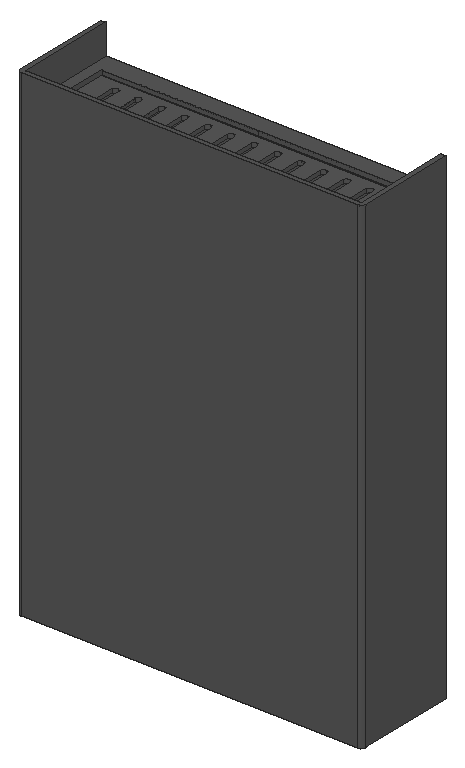
Revit family "Lighting_Outside_Nordlux_FOLD_15", category Lighting Fixtures, Revit 2017
Family settings
  Round Connector Dimension = Use Diameter
  Part Type = Normal
  OmniClass Number = 23.80.70.00
  OmniClass Title = Lighting
  Work Plane-Based = No
  Always vertical = Yes
  Cut with Voids When Loaded = No
  Light Source = Yes
  Shared = No
  Room Calculation Point = No
Parameters (values of type "Fold 15 - Black")
  Wattage = 1.00982 W
  WarrantyStartDate [instance] = "n/a"
  WarrantyGuarantorParts = "n/a"
  WarrantyGuarantorLabor = "n/a"
  WarrantyDurationUnit = "Hours"
  WarrantyDurationParts = "n/a"
  WarrantyDurationLabor = "n/a"
  WarrantyDescription = "n/a"
  built-in parameter 1150110 = 1 (stored number, unit not read)
  VersionDate = "24/11/2020"  # constant formula
  Version = "1"  # constant formula
  UsageCurrent = 0 A
  Uniclass2015Reference = "Pr_70_70_48_46"
  Uniclass2015Description = "Light-Emitting Diode (LED) Luminaires"
  Uniclass2 = "Pr_70_70_49_43"
  URL = "https://www.nordlux.com/products/product/2019051003"
  TotalWattage = 7 W
  built-in parameter 1114217 = 1 (stored number, unit not read)
  Tilt Angle = 90.00°
  built-in parameter 1150109 = 1 (stored number, unit not read)
  built-in parameter 1150134 = (empty or 0)
  TagNumber [instance] = "n/a"
  SustainabilityPerformance = "n/a"
  built-in parameter 1150113 = 1 (stored number, unit not read)
  Size = "150x45x210mm"
  Shape = "Sculptured"
  SerialNumber [instance] = "n/a"
  Revision = "n/a"  # constant formula
  ReplacementCost = "n/a"
  ProductInformation = "\"Fold a sheet of paper, place a bulb behind - and you have a lamp.\" Although the reality is not that simple, designer Henrik Bønnelycke wants the light to appear as if it is. In terms of shape, Fold is brightly clear, where the selected details and latest LED technology are in focus. The magnetic shade makes the installation simple and the design distinct without visible screws. The light shines up and down, and the four included light patterns change the light based on desire and personal style and are also an element for light dimming."
  ProductDatasheet = "http://pim.skypim.com/show?objectid=327082741&template=ORG"
  Product data url = ""
  Photometric Web File = "2019051001 Fold 15 væg No mask.ies"
  PhaseReference = "n/a"
  PhaseAngle = 0.00°
  NumberOfSources = 0
  NumberOfPoles = 1
  built-in parameter 1150142 = "IESNA:LM-63-2002\r\n[TEST] Viso LabSpion - serial: 3247052577 sensor serial: 0408532695\r\n[TESTLAB] Viso LabSpion - serial: 3247052577 sensor serial: 0408532695 - Test lab\r\n[MANUFAC] Nordlux\r\n[ISSUEDATE] 02-12-2020\r\n[LUMINAIRE] 2019051001 Fold 15 væg No mask\r\n[LUMCAT] B2020258 A\r\n[_SERIALNUMBER] VFR-201202-0506-MS\r\nTILT=NONE\r\n1 501 1 121 2 1 2 0.135 0.034 0\r\n1.0 1.0 6.69\r\n0 1.5 3 4.5 6 7.5 9 10.5 12 13.5 15 16.5 18 19.5 21 22.5 24 25.5 27 28.5 30 31.5 33 34.5 36 37.5 39 40.5 42 43.5 45 46.5 48 49.5 51 52.5 54 55.5 57 58.5 60 61.5 63 64.5 66 67.5 69 70.5 72 73.5 75 76.5 78 79.5 81 82.5 84 85.5 87 88.5\r\n 90 91.5 93 94.5 96 97.5 99 100.5 102 103.5 105 106.5 108 109.5 111 112.5 114 115.5 117 118.5 120 121.5 123 124.5 126 127.5 129 130.5 132 133.5 135 136.5 138 139.5 141 142.5 144 145.5 147 148.5 150 151.5 153 154.5 156 157.5 159 160.5\r\n 162 163.5 165 166.5 168 169.5 171 172.5 174 175.5 177 178.5 180\r\n0 90 \r\n163.6156 163.6021 163.6932 163.431 162.8529 162.1496 161.4124 160.6155 159.8392 158.9056 158.1123 157.3205 156.253 154.8566 153.4233 151.7979 150.3304 148.683 146.7435 144.5594 142.2271 139.7713 137.0538 134.2638 131.4078 128.4771\r\n 125.7732 123.3555 120.8125 117.7015 115.3518 110.9608 102.3746 87.5754 67.994 45.933 22.9297 14.8707 12.7621 11.5253 10.4866 9.5065 8.5297 7.5586 6.8206 6.122 5.5744 4.995 4.4877 4.0815 3.7098 3.3171 2.9254 2.4607 2.148 1.7879 1.4016\r\n 1.0182 0.6164 0.3022 0.3292 0.3483 0.6022 0.9959 1.4065 1.8063 2.1439 2.4547 2.9252 3.3106 3.7067 4.1013 4.4856 4.9805 5.5652 6.1376 6.8318 7.5928 8.5007 9.5089 10.4906 11.5292 12.774 16.016 25.9137 43.0636 65.8068 88.7419 104.2121\r\n 111.339 115.3052 117.7641 120.6742 123.4172 125.7633 128.3947 131.4498 134.3023 137.0611 139.7412 142.2104 144.5489 146.7668 148.6806 150.4092 151.7812 153.3824 154.8843 156.2312 157.3331 158.1286 158.8476 159.8791 160.6013 161.3906\r\n 162.1542 162.8565 163.4243 163.6951 163.6391 163.7584\r\n163.6156 163.8363 163.7897 163.7148 163.6627 163.4086 162.9058 162.3855 162.1319 161.7248 155.2267 140.6657 117.7883 89.6157 63.7898 47.7482 41.041 40.7409 41.3348 41.6586 41.5672 41.2471 40.8958 40.5087 39.7888 38.6123 37.3536 35.6277\r\n 33.5867 31.583 29.8932 28.5417 27.0176 25.1488 23.1746 21.3056 19.6248 18.0917 16.6496 15.4448 14.1574 13.0738 12.1751 11.2381 10.2957 9.5353 8.9314 8.3814 7.9947 7.5187 7.046 6.5729 6.0821 5.6285 5.2774 4.843 4.5692 4.1289 3.793\r\n 4.2601 5.0418 3.6053 3.78 4.1768 4.52 4.881 5.2666 5.6397 6.0759 6.5792 7.0501 7.5144 7.9743 8.4236 8.9166 9.534 10.2317 11.2562 12.1837 13.0484 14.153 15.4231 16.6808 18.0848 19.6358 21.3284 23.1636 25.1218 26.9343 28.4708 29.8691\r\n 31.3161 33.5842 35.7462 37.3597 38.6651 39.7434 40.5035 40.9322 41.1875 41.6042 41.7293 41.3122 40.6888 41.2477 46.3509 62.022 91.9085 120.3336 140.5738 153.5219 160.1428 161.9816 162.3844 162.9492 163.4847 163.6223 163.7008 163.7784\r\n 163.8363 163.7584\r\n"
  NominalWidth = 45 mm
  NominalVoltageCalc = 230 V
  NominalVoltage = 230 V
  NominalRadius = NominalDiameter / 2  # 160 mm
  NominalLength = 149 mm
  NominalHeight = 210.017 mm
  NominalFrequencyRange = 50 Hz
  NominalDiameter = 320 mm
  NominalCurrent = 0 A
  Name = "FOLD_15"  # constant formula
  NBSReference = "90-60-50/405"
  NBSDescription = "General purpose luminaires"
  ModelReference = ArticleNumber  # "2019051003"
  ModelNumber = "n/a"
  Model = "Fold 15 - Black"
  Material = "Metal & plastic"
  ManufacturersSpecificInformation = "n/a"
  ManufacturerURL = "https://www.nordlux.com/"
  ManufacturerName = "Nordlux"
  Manufacturer = "Nordlux"
  MaintenanceFactor = 0
  Lumens = 150 lm
  built-in parameter 1150115 = 1 (stored number, unit not read)
  built-in parameter 1150105 = 11.937 (stored number, unit not read)
  LightFixturePlacingType = "Wall"
  LightFixtureMountingType = "Surface"
  LightFixtureMainMaterial = Black
  built-in parameter 1150137 = (empty or 0)
  built-in parameter 1150139 = (empty or 0)
  built-in parameter 1150112 = 1 (stored number, unit not read)
  built-in parameter 1150114 = 1 (stored number, unit not read)
  InsulationStandardClass = "Class 1 (Earth contact)"
  InstallationDate [instance] = "n/a"
  built-in parameter 1150132 = 2
  built-in parameter 1150102 = (empty or 0)
  built-in parameter 1150138 = (empty or 0)
  built-in parameter 1150107 = 3000 (stored number, unit not read)
  built-in parameter 1150106 = 0.11937 (stored number, unit not read)
  IfcExportType = "NOTDEFINED"  # constant formula
  IfcExportAs = "IfcLightFixtureType"  # constant formula
  IP_Code = "IP54"
  HasProtectiveEarth = yes
  Grade = "n/a"
  Finish = "n/a"
  Features = "Socket type LED MODUL. Light source Incl. 2X3,5W LED"
  ExpectedLife = "Lifetime 30000h"
  Emit from Rectangle Width = 31 mm
  Emit from Rectangle Length = 135 mm
  Emit Shape Visible in Rendering = no
  ElectricalDeviceNominalPower = 7
  built-in parameter 1150104 = 13.8 (stored number, unit not read)
  EANNumber = "5704924000584"
  DurationUnit = "Hours"
  Dimming Lamp Color Temperature Shift = <None>
  Designer = "Henrik Bønnelycke"
  Description = "\"Fold a sheet of paper, place a bulb behind - and you have a lamp.\" Although the reality is not that simple, designer Henrik Bønnelycke wants the light to appear as if it is. In terms of shape, Fold is brightly clear, where the selected details and latest LED technology are in focus. The magnetic shade makes the installation simple and the design distinct without visible screws. The light shines up and down, and the four included light patterns change the light based on desire and personal style and are also an element for light dimming."
  DefaultElevation = 0 mm
  ConvergoRefNr = "0143-2009-0017-DK"  # constant formula
  Constituents = "n/a"
  Color Filter = 16777215
  Color = "Black"
  Collection = "Fold"
  CodePerformance = "n/a"
  Category = "Outdoor lighting"
  Brand = "Nordlux"
  Barcode [instance] = "n/a"
  built-in parameter 1114218 = 1 (stored number, unit not read)
  BIMObjectName = "Lighting_Outside_Nordlux_FOLD_15"  # constant formula
  Author = "Convergo AB"  # constant formula
  built-in parameter 1150133 = 10 (stored number, unit not read)
  AssetType = "Fixed"
  AssetIdentifier [instance] = "n/a"
  ArticleNumber = "2019051003"
  AccessibilityPerformance = "n/a"
Types (6, lengths in mm): name | URL | ProductDatasheet | ModelReference | Model | LightFixtureMainMaterial | EANNumber | Color | ArticleNumber
  (no name) | "https://www.nordlux.com/products/product/2019051003" | "http://pim.skypim.com/show?objectid=327082741&template=ORG" | "2019051003" | "Fold 15 - Black" | Black | "5704924000584" | "Black" | "2019051003"
  Fold 15 - Black | "https://www.nordlux.com/products/product/2019051003" | "http://pim.skypim.com/show?objectid=327082741&template=ORG" | "2019051003" | "Fold 15 - Black" | Black | "5704924000584" | "Black" | "2019051003"
  Fold 15 - White | "https://www.nordlux.com/products/product/2019051001" | "http://pim.skypim.com/show?objectid=327082399&template=ORG" | "2019051001" | "Fold 15 - White" | White | "5704924000577" | "White" | "2019051001"
  Fold 15 - Galvanized steel | "https://www.nordlux.com/products/product/2019051031" | "http://pim.skypim.com/show?objectid=327083417&template=ORG" | "2019051031" | "Fold 15 - Galvanized steel" | Galvanized steel | "5704924000607" | "Galvanized" | "2019051031"
  Fold 15 - Brass | "https://www.nordlux.com/products/product/2019051035" | "http://pim.skypim.com/show?objectid=327083807&template=ORG" | "2019051035" | "Fold 15 - Brass" | Brass | "5704924000614" | "Brass" | "2019051035"
  Fold 15 - Copper | "https://www.nordlux.com/products/product/2019051030" | "http://pim.skypim.com/show?objectid=327083099&template=ORG" | "2019051030" | "Fold 15 - Copper" | Copper | "5704924000591" | "Brass" | "2019051030"
Reference planes
  plane 1 "Light Source Axis (F/B)": y = 0
  plane 2: z = 0
  plane 3 "Light Source Axis (L/R)": x = 0
  plane 4 "Light Source Elevation": z = 105.008
  plane 5: z = 210.017
  plane 6: y = -45
  plane 7: x = -74.5
  plane 8: x = 74.5
Dimensions and locks
  equal spacing: plane 7, plane 3 "Light Source Axis (L/R)", plane 8
  "NominalHeight": plane 5 to plane 2
  "NominalWidth": plane 6 to plane 1 "Light Source Axis (F/B)"
  "NominalLength": plane 7 to plane 8
  aligned and locked: level to plane 2
  aligned and locked: plane 4 "Light Source Elevation" to imposter light
  aligned and locked: plane 3 "Light Source Axis (L/R)" to imposter light
  aligned and locked: plane 2 to nested 1
  aligned and locked: imposter light to nested 1
Nested families
  nested 1: "Fold_15" at (0, 0, 0), Body <- "LightFixtureMainMaterial", type "Fold_15"
    with Body Black
Connectors
  electrical at (0, -0.7, 105), driven by "NominalVoltage"
    settings: on nested 1, index 1, voltage 230 V, apparent load 0 VA, apparent load phase1 0 VA, apparent load phase2 0 VA, apparent load phase3 0 VA, power factor 1, load classification "Other", number of poles 1, system type 31, power factor state 1, is connector primary yes, connector utility no, sub classification motor no, connector description ""
Definition of nested family "Fold_15"
  Parameters (values of type "Fold_15")
    Body [instance] = none
  Reference planes
    plane 1 "Center (Front/Back)": y = 0
    plane 2: z = 0
    plane 3 "Center (Left/Right)": x = 0
    plane 4: x = -74.5
    plane 5: y = -45
    plane 6: x = 74.5
    plane 7: z = 210.017
    plane 8: z = 192.5
    plane 9: z = 17.5
    plane 10: y = -23.751
    plane 11: z = 105.008
  Forms (mm)
    Extrusion 1, solid, material <- "Body", detail levels medium+fine
      sketch origin (0, 0, 0) x (1, 0, 0) y (0, 1, 0)
        loop
          line (-74.5, 0) -> (-74.5, -43)
          arc (-74.5, -43) -> (-73.914, -44.414) -> (-72.5, -45) r 2
          line (-72.5, -45) -> (72.5, -45)
          arc (72.5, -45) -> (73.914, -44.414) -> (74.5, -43) r 2
          line (74.5, -43) -> (74.5, 0) -> (72.5, 0) -> (72.5, -43) -> (-72.5, -43) -> (-72.5, 0) -> (-74.5, 0)
      from 0 to 210.017
    Extrusion 2, solid, material <- "Body", detail levels medium+fine
      sketch origin (0, 0, 0) x (1, 0, 0) y (0, 1, 0)
        loop
          line (0, 0) -> (-72.5, 0) -> (-72.5, -43) -> (0, -43) -> (72.5, -43) -> (72.5, 0) -> (0, 0)
        loop
          line (67.5, -8.001) -> (0, -8.001) -> (-67.5, -8.001) -> (-67.5, -39.501) -> (0, -39.501) -> (67.5, -39.501) -> (67.5, -8.001)
      from 195 to 197
    Extrusion 3, solid, material <- "Body", detail levels medium+fine
      sketch origin (0, 0, 0) x (1, 0, 0) y (0, 1, 0)
        loop
          line (0, 0) -> (-72.5, 0) -> (-72.5, -43) -> (0, -43) -> (72.5, -43) -> (72.5, 0) -> (0, 0)
        loop
          line (67.5, -8.001) -> (0, -8.001) -> (-67.5, -8.001) -> (-67.5, -39.501) -> (0, -39.501) -> (67.5, -39.501) -> (67.5, -8.001)
      from 13 to 15
    Extrusion 4, solid, material <- "Body", detail levels medium+fine
      sketch origin (0, 0, 0) x (0, 1, 0) y (0, 0, 1)
        loop
          line (-4.95, 16) -> (-0.7, 16) -> (-0.7, 194) -> (-4.95, 194) -> (-4.95, 192.5) -> (-3.2, 192.5) -> (-3.2, 189.5) -> (-4.95, 189.5) -> (-4.95, 188) -> (-3.2, 188) -> (-3.2, 22) -> (-4.95, 22) -> (-4.95, 20.5) -> (-3.2, 20.5) -> (-3.2, 17.5) -> (-4.95, 17.5) -> (-4.95, 16)
        loop
          line (-41, 20.1) -> (-38, 20.1) -> (-38, 21.1) -> (-39.5, 21.1) -> (-39.5, 188.9) -> (-38, 188.9) -> (-38, 189.9) -> (-41, 189.9) -> (-41, 20.1)
      from -72.5 to 72.5
    Extrusion 5, solid, material <- "Body", detail levels medium+fine
      sketch origin (0, 0, 0) x (0, 1, 0) y (0, 0, 1)
        loop
          line (-3.2, 192.5) -> (-41, 192.5) -> (-41, 189.9) -> (-39.5, 189.9) -> (-39.5, 191) -> (-4.5, 191) -> (-4.5, 189.5) -> (-3.2, 189.5) -> (-3.2, 192.5)
        loop
          line (-3.2, 17.5) -> (-3.2, 20.5) -> (-4.5, 20.5) -> (-4.5, 19) -> (-39.5, 19) -> (-39.5, 20.1) -> (-41, 20.1) -> (-41, 17.5) -> (-3.2, 17.5)
      from -72.5 to 72.5
    Extrusion 6, solid, material <- "Body", detail levels medium+fine
      sketch origin (0, 0, 0) x (1, 0, 0) y (0, 0, 1)
        loop
          circle (61.5, 178.017) r 8
        loop
          circle (61.5, 178.017) r 5
        loop
          circle (61.5, 32) r 8
        loop
          circle (61.5, 32) r 5
        loop
          circle (-61.5, 178.017) r 8
        loop
          circle (-61.5, 178.017) r 5
        loop
          circle (-61.5, 32) r 8
        loop
          circle (-61.5, 32) r 5
      from 0.7 to -5.3
    Extrusion 7, solid, material <- "Body", detail levels coarse
      sketch origin (0, 0, 0) x (1, 0, 0) y (0, 1, 0)
        loop
          line (-74.5, -45) -> (74.5, -45) -> (74.5, 0) -> (-74.5, 0) -> (-74.5, -45)
      from 0 to 210.017
    Extrusion 8, void
      sketch origin (0, 0, 0) x (1, 0, 0) y (0, 1, 0)
        loop
          line (-1.5, -10.501) -> (-1.5, -37.001)
          arc (-1.5, -37.001) -> (0, -38.501) -> (1.5, -37.001) r 1.5
          line (1.5, -37.001) -> (1.5, -10.501)
          arc (1.5, -10.501) -> (0, -9.001) -> (-1.5, -10.501) r 1.5
        loop
          line (8.5, -10.501) -> (8.5, -37.001)
          arc (8.5, -37.001) -> (10, -38.501) -> (11.5, -37.001) r 1.5
          line (11.5, -37.001) -> (11.5, -10.501)
          arc (11.5, -10.501) -> (10, -9.001) -> (8.5, -10.501) r 1.5
        loop
          line (18.5, -10.501) -> (18.5, -37.001)
          arc (18.5, -37.001) -> (20, -38.501) -> (21.5, -37.001) r 1.5
          line (21.5, -37.001) -> (21.5, -10.501)
          arc (21.5, -10.501) -> (20, -9.001) -> (18.5, -10.501) r 1.5
        loop
          line (28.5, -10.501) -> (28.5, -37.001)
          arc (28.5, -37.001) -> (30, -38.501) -> (31.5, -37.001) r 1.5
          line (31.5, -37.001) -> (31.5, -10.501)
          arc (31.5, -10.501) -> (30, -9.001) -> (28.5, -10.501) r 1.5
        loop
          line (38.5, -10.501) -> (38.5, -37.001)
          arc (38.5, -37.001) -> (40, -38.501) -> (41.5, -37.001) r 1.5
          line (41.5, -37.001) -> (41.5, -10.501)
          arc (41.5, -10.501) -> (40, -9.001) -> (38.5, -10.501) r 1.5
        loop
          arc (-8.5, -10.501) -> (-10, -9.001) -> (-11.5, -10.501) r 1.5
          line (-11.5, -10.501) -> (-11.5, -37.001)
          arc (-11.5, -37.001) -> (-10, -38.501) -> (-8.5, -37.001) r 1.5
          line (-8.5, -37.001) -> (-8.5, -10.501)
        loop
          arc (-18.5, -10.501) -> (-20, -9.001) -> (-21.5, -10.501) r 1.5
          line (-21.5, -10.501) -> (-21.5, -37.001)
          arc (-21.5, -37.001) -> (-20, -38.501) -> (-18.5, -37.001) r 1.5
          line (-18.5, -37.001) -> (-18.5, -10.501)
        loop
          arc (-28.5, -10.501) -> (-30, -9.001) -> (-31.5, -10.501) r 1.5
          line (-31.5, -10.501) -> (-31.5, -37.001)
          arc (-31.5, -37.001) -> (-30, -38.501) -> (-28.5, -37.001) r 1.5
          line (-28.5, -37.001) -> (-28.5, -10.501)
        loop
          arc (-38.5, -10.501) -> (-40, -9.001) -> (-41.5, -10.501) r 1.5
          line (-41.5, -10.501) -> (-41.5, -37.001)
          arc (-41.5, -37.001) -> (-40, -38.501) -> (-38.5, -37.001) r 1.5
          line (-38.5, -37.001) -> (-38.5, -10.501)
        loop
          arc (-48.5, -10.501) -> (-50, -9.001) -> (-51.5, -10.501) r 1.5
          line (-51.5, -10.501) -> (-51.5, -37.001)
          arc (-51.5, -37.001) -> (-50, -38.501) -> (-48.5, -37.001) r 1.5
          line (-48.5, -37.001) -> (-48.5, -10.501)
        loop
          arc (-58.5, -10.501) -> (-60, -9.001) -> (-61.5, -10.501) r 1.5
          line (-61.5, -10.501) -> (-61.5, -37.001)
          arc (-61.5, -37.001) -> (-60, -38.501) -> (-58.5, -37.001) r 1.5
          line (-58.5, -37.001) -> (-58.5, -10.501)
        loop
          line (48.5, -10.501) -> (48.5, -37.001)
          arc (48.5, -37.001) -> (50, -38.501) -> (51.5, -37.001) r 1.5
          line (51.5, -37.001) -> (51.5, -10.501)
          arc (51.5, -10.501) -> (50, -9.001) -> (48.5, -10.501) r 1.5
        loop
          line (58.5, -10.501) -> (58.5, -37.001)
          arc (58.5, -37.001) -> (60, -38.501) -> (61.5, -37.001) r 1.5
          line (61.5, -37.001) -> (61.5, -10.501)
          arc (61.5, -10.501) -> (60, -9.001) -> (58.5, -10.501) r 1.5
      from 0 to 210.017
  Cuts and joins
    Extrusion 8 cuts Extrusion 5
  Lines and regions (mm)
    symbolic lines, detail levels medium+fine
      curve 1: line (0, 0, 210.017) -> (0, -45, 210.017)
      curve 2: line (0, 0, 0) -> (0, 0, 210.017)
      curve 3: line (0, -45, 0) -> (0, 0, 0)
      curve 4: line (0, -45, 210.017) -> (0, -45, 0)
      curve 5: line (-74.5, 0, 210.017) -> (74.5, 0, 210.017)
      curve 6: line (-74.5, 0, 0) -> (-74.5, 0, 210.017)
      curve 7: line (74.5, 0, 0) -> (-74.5, 0, 0)
      curve 8: line (74.5, 0, 210.017) -> (74.5, 0, 0)
      curve 9: line (-74.5, 0, 0) -> (74.5, 0, 0)
      curve 10: line (-74.5, -43, 0) -> (-74.5, 0, 0)
      curve 11: line (72.5, -45, 0) -> (-72.5, -45, 0)
      curve 12: line (74.5, 0, 0) -> (74.5, -43, 0)
      curve 13: arc (-74.5, -43, 0) -> (-73.914, -44.414, 0) -> (-72.5, -45, 0) r 2
      curve 14: arc (74.5, -43, 0) -> (73.914, -44.414, 0) -> (72.5, -45, 0) r 2
    symbolic lines, detail levels fine
      curve 15: line (-72.5, -43, 0) -> (-72.5, 0, 0)
      curve 16: line (72.5, -43, 0) -> (-72.5, -43, 0)
      curve 17: line (72.5, 0, 0) -> (72.5, -43, 0)
      curve 18: line (0, -8.001, 0) -> (67.5, -8.001, 0)
      curve 19: line (67.5, -8.001, 0) -> (67.5, -39.501, 0)
      curve 20: line (67.5, -39.501, 0) -> (0, -39.501, 0)
      curve 21: line (0, -39.501, 0) -> (-67.5, -39.501, 0)
      curve 22: line (-67.5, -39.501, 0) -> (-67.5, -8.001, 0)
      curve 23: line (-67.5, -8.001, 0) -> (0, -8.001, 0)
      curve 24: line (-61.5, -37.001, 0) -> (-61.5, -10.501, 0)
      curve 25: arc (-61.5, -10.501, 0) -> (-60, -9.001, 0) -> (-58.5, -10.501, 0) r 1.5
      curve 26: line (-58.5, -10.501, 0) -> (-58.5, -37.001, 0)
      curve 27: arc (-58.5, -37.001, 0) -> (-60, -38.501, 0) -> (-61.5, -37.001, 0) r 1.5
      curve 28: line (-51.5, -37.001, 0) -> (-51.5, -10.501, 0)
      curve 29: arc (-51.5, -10.501, 0) -> (-50, -9.001, 0) -> (-48.5, -10.501, 0) r 1.5
      curve 30: line (-48.5, -10.501, 0) -> (-48.5, -37.001, 0)
      curve 31: arc (-48.5, -37.001, 0) -> (-50, -38.501, 0) -> (-51.5, -37.001, 0) r 1.5
      curve 32: line (-41.5, -37.001, 0) -> (-41.5, -10.501, 0)
      curve 33: arc (-41.5, -10.501, 0) -> (-40, -9.001, 0) -> (-38.5, -10.501, 0) r 1.5
      curve 34: line (-38.5, -10.501, 0) -> (-38.5, -37.001, 0)
      curve 35: arc (-38.5, -37.001, 0) -> (-40, -38.501, 0) -> (-41.5, -37.001, 0) r 1.5
      curve 36: line (-31.5, -37.001, 0) -> (-31.5, -10.501, 0)
      curve 37: arc (-31.5, -10.501, 0) -> (-30, -9.001, 0) -> (-28.5, -10.501, 0) r 1.5
      curve 38: line (-28.5, -10.501, 0) -> (-28.5, -37.001, 0)
      curve 39: arc (-28.5, -37.001, 0) -> (-30, -38.501, 0) -> (-31.5, -37.001, 0) r 1.5
      curve 40: line (-21.5, -37.001, 0) -> (-21.5, -10.501, 0)
      curve 41: arc (-21.5, -10.501, 0) -> (-20, -9.001, 0) -> (-18.5, -10.501, 0) r 1.5
      curve 42: line (-18.5, -10.501, 0) -> (-18.5, -37.001, 0)
      curve 43: arc (-18.5, -37.001, 0) -> (-20, -38.501, 0) -> (-21.5, -37.001, 0) r 1.5
      curve 44: line (-11.5, -37.001, 0) -> (-11.5, -10.501, 0)
      curve 45: arc (-11.5, -10.501, 0) -> (-10, -9.001, 0) -> (-8.5, -10.501, 0) r 1.5
      curve 46: line (-8.5, -10.501, 0) -> (-8.5, -37.001, 0)
      curve 47: arc (-8.5, -37.001, 0) -> (-10, -38.501, 0) -> (-11.5, -37.001, 0) r 1.5
      curve 48: line (61.5, -37.001, 0) -> (61.5, -10.501, 0)
      curve 49: arc (61.5, -10.501, 0) -> (60, -9.001, 0) -> (58.5, -10.501, 0) r 1.5
      curve 50: line (58.5, -10.501, 0) -> (58.5, -37.001, 0)
      curve 51: arc (58.5, -37.001, 0) -> (60, -38.501, 0) -> (61.5, -37.001, 0) r 1.5
      curve 52: line (51.5, -37.001, 0) -> (51.5, -10.501, 0)
      curve 53: arc (51.5, -10.501, 0) -> (50, -9.001, 0) -> (48.5, -10.501, 0) r 1.5
      curve 54: line (48.5, -10.501, 0) -> (48.5, -37.001, 0)
      curve 55: arc (48.5, -37.001, 0) -> (50, -38.501, 0) -> (51.5, -37.001, 0) r 1.5
      curve 56: line (41.5, -37.001, 0) -> (41.5, -10.501, 0)
      curve 57: arc (41.5, -10.501, 0) -> (40, -9.001, 0) -> (38.5, -10.501, 0) r 1.5
      curve 58: line (38.5, -10.501, 0) -> (38.5, -37.001, 0)
      curve 59: arc (38.5, -37.001, 0) -> (40, -38.501, 0) -> (41.5, -37.001, 0) r 1.5
      curve 60: line (31.5, -37.001, 0) -> (31.5, -10.501, 0)
      curve 61: arc (31.5, -10.501, 0) -> (30, -9.001, 0) -> (28.5, -10.501, 0) r 1.5
      curve 62: line (28.5, -10.501, 0) -> (28.5, -37.001, 0)
      curve 63: arc (28.5, -37.001, 0) -> (30, -38.501, 0) -> (31.5, -37.001, 0) r 1.5
      curve 64: line (21.5, -37.001, 0) -> (21.5, -10.501, 0)
      curve 65: arc (21.5, -10.501, 0) -> (20, -9.001, 0) -> (18.5, -10.501, 0) r 1.5
      curve 66: line (18.5, -10.501, 0) -> (18.5, -37.001, 0)
      curve 67: arc (18.5, -37.001, 0) -> (20, -38.501, 0) -> (21.5, -37.001, 0) r 1.5
      curve 68: line (11.5, -37.001, 0) -> (11.5, -10.501, 0)
      curve 69: arc (11.5, -10.501, 0) -> (10, -9.001, 0) -> (8.5, -10.501, 0) r 1.5
      curve 70: line (8.5, -10.501, 0) -> (8.5, -37.001, 0)
      curve 71: arc (8.5, -37.001, 0) -> (10, -38.501, 0) -> (11.5, -37.001, 0) r 1.5
      curve 72: line (-1.5, -37.001, 0) -> (-1.5, -10.501, 0)
      curve 73: arc (-1.5, -10.501, 0) -> (0, -9.001, 0) -> (1.5, -10.501, 0) r 1.5
      curve 74: line (1.5, -10.501, 0) -> (1.5, -37.001, 0)
      curve 75: arc (1.5, -37.001, 0) -> (0, -38.501, 0) -> (-1.5, -37.001, 0) r 1.5
  Dimensions and locks
    aligned and locked: level to plane 2
